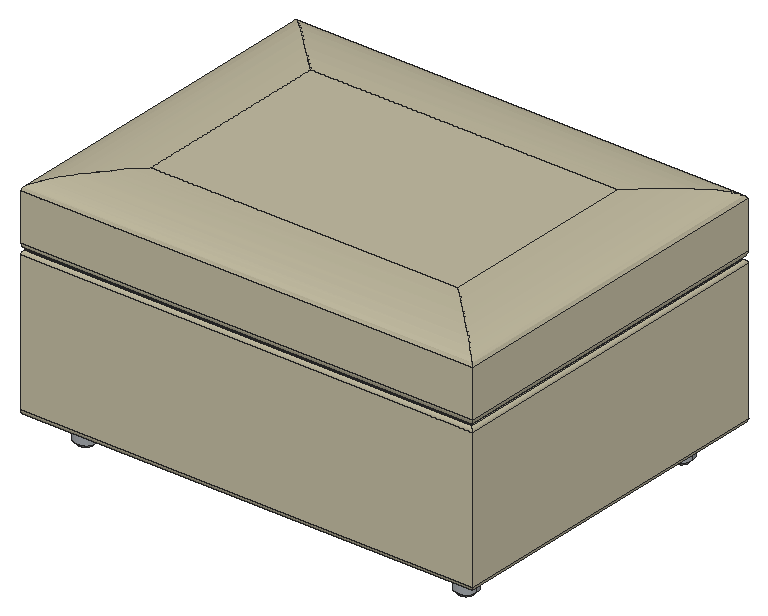
Revit family
Parameters
  URL = "http://www.martinbrattrud.com"
  SCS Certified Product = "Yes"
  Model = "Cypress 820-02"
  Manufacturer = "Martin Brattrud, Inc."
  Leg [instance] = none
  Keynote = "125000"
  Foot [instance] = none
  Copyright = "© 2013 Martin Brattrud, Inc."
  Chair [instance] = none
  Back Cushion [instance] = none
  Authoring Version = "Revit Architecture 2010"
  Assembly Code = "E2020200"
Reference planes (in)
  plane 1 "Center Front/Back": y = 0
  plane 2: z = 0
  plane 3 "Center Left/Right": x = 0
Forms (in)
  Extrusion 1, solid, material <- "Leg"
    sketch origin (0, 0, 0) x (1, 0, 0) y (0, 1, 0)
      loop
        circle (-13.25, -9.4296772) r 0.75
      loop
        circle (13.25, -9.4296772) r 0.75
      loop
        circle (-13.25, 9.33016) r 0.75
      loop
        circle (13.25, 9.33016) r 0.75
    from 0.25 to 1.9999997
  Extrusion 2, solid, material <- "Foot"
    sketch origin (0, 0, 0) x (1, 0, 0) y (0, 1, 0)
      loop
        circle (-13.25, -9.4296772) r 0.5
      loop
        circle (13.25, -9.4296772) r 0.5
      loop
        circle (-13.25, 9.33016) r 0.5
      loop
        circle (13.25, 9.33016) r 0.5
    from 0 to 0.25
  Extrusion 3, solid
    sketch origin (0, 0, 0) x (1, 0, 0) y (0, 1, 0)
      loop
        line (-15.5, 11.75) -> (-15.5, -11.7585185) -> (15.5, -11.7585185) -> (15.5, 11.75) -> (-15.5, 11.75)
    from 1.9999997 to 12.2426331
  Sweep 4, solid
    path in 3D
      loop
        line (-15.5, -11.7585185, 12.2426331) -> (15.5, -11.7585185, 12.2426331) -> (15.5, 11.75, 12.2426331) -> (-15.5, 11.75, 12.2426331) -> (-15.5, -11.7585185, 12.2426331)
    profile origin (-15.5, -0.0042593, 12.2426331) x (1, 0, 0) y (0, 0, 1)
      loop
        line (-0.25, -0.28125) -> (-0.25, -9.9613834)
        arc (-0.25, -9.9613834) -> (-0.1767767, -10.1381601) -> (0, -10.2113834) r 0.25
        line (0, -10.2113834) -> (0, -0.03125)
        arc (0, -0.03125) -> (-0.1767767, -0.1044733) -> (-0.25, -0.28125) r 0.25
  Extrusion 5, solid
    sketch origin (0, 0, 0) x (1, 0, 0) y (0, 0, 1)
      loop
        line (-15.75, 12.7426331) -> (15.75, 12.7426331) -> (15.75, 15.9926331) -> (-15.75, 15.9926331) -> (-15.75, 12.7426331)
    from -12 to 12
  Sweep 6, solid
    path in 3D
      loop
        line (15.75, -12, 12.7426331) -> (15.75, 12, 12.7426331) -> (-15.75, 12, 12.7426331) -> (-15.75, -12, 12.7426331) -> (15.75, -12, 12.7426331)
    profile origin (0, -12, 12.7426331) x (0, -1, 0) y (0, 0, -1)
      loop
        line (-2.5165359, 0) -> (-0.03125, 0)
        arc (-0.03125, 0) -> (-0.1681459, 0.3526351) -> (-0.5165359, 0.5) r 0.4855024
        line (-0.5165359, 0.5) -> (-2.5165359, 0.5) -> (-2.5165359, 0)
  Extrusion 7, solid
    sketch origin (0, 0, 0) x (1, 0, 0) y (0, 1, 0)
      loop
        line (-13.2334641, 9.4834641) -> (-13.2334641, -9.4834641) -> (13.2334641, -9.4834641) -> (13.2334641, 9.4834641) -> (-13.2334641, 9.4834641)
    from 12.2426331 to 12.7426331
  Sweep 8, solid
    path in 3D
      loop
        line (-15.75, 12, 15.9926331) -> (15.75, 12, 15.9926331) -> (15.75, -12, 15.9926331) -> (-15.75, -12, 15.9926331) -> (-15.75, 12, 15.9926331)
    profile origin (-15.75, 0, 15.9926331) x (-1, 0, 0) y (0, 0, 1)
      loop
        spline (-0.03125, 0) -> (-0.0740257, 0.1305262) -> (-0.2016209, 0.258819) -> (-0.4118523, 0.3826834) -> (-0.701123, 0.5) -> (-1.0644833, 0.6087614) -> (-1.4957161, 0.7071068) -> (-1.9874429, 0.7933533) -> (-2.53125, 0.8660254) -> (-3.1178328, 0.9238795) -> (-3.7371548, 0.9659258) -> (-4.378619, 0.9914449) -> (-5.03125, 1)
        line (-5.03125, 1) -> (-5.28125, 1) -> (-10.03125, 1) -> (-10.03125, 0) -> (-0.03125, 0)
  Extrusion 9, solid
    sketch origin (0, 0, 0) x (1, 0, 0) y (0, 1, 0)
      loop
        line (-5.71875, 1.96875) -> (-5.71875, -1.96875) -> (5.71875, -1.96875) -> (5.71875, 1.96875) -> (-5.71875, 1.96875)
    from 15.9926331 to 16.9926331
Cuts and joins
  joined: Sweep 6, Extrusion 7
  joined: Sweep 8, Extrusion 9
Lines and regions (in)
  sketch lines
    curve 1: line (-15.5, 11.75, 12.2426331) -> (-15.5, -11.7585185, 12.2426331)
    curve 2: line (15.5, 11.75, 12.2426331) -> (-15.5, 11.75, 12.2426331)
    curve 3: line (-15.5, -11.7585185, 12.2426331) -> (15.5, -11.7585185, 12.2426331)
    curve 4: line (15.5, -11.7585185, 12.2426331) -> (15.5, 11.75, 12.2426331)
    curve 5: line (-15.75, -12, 12.7426331) -> (15.75, -12, 12.7426331)
    curve 6: line (15.75, -12, 12.7426331) -> (15.75, 12, 12.7426331)
    curve 7: line (15.75, 12, 12.7426331) -> (-15.75, 12, 12.7426331)
    curve 8: line (-15.75, -12, 12.7426331) -> (-15.75, 12, 12.7426331)
    curve 9: line (-15.75, -12, 15.9926331) -> (-15.75, 12, 15.9926331)
    curve 10: line (-15.75, 12, 15.9926331) -> (15.75, 12, 15.9926331)
    curve 11: line (15.75, -12, 15.9926331) -> (15.75, 12, 15.9926331)
    curve 12: line (15.75, -12, 15.9926331) -> (-15.75, -12, 15.9926331)
